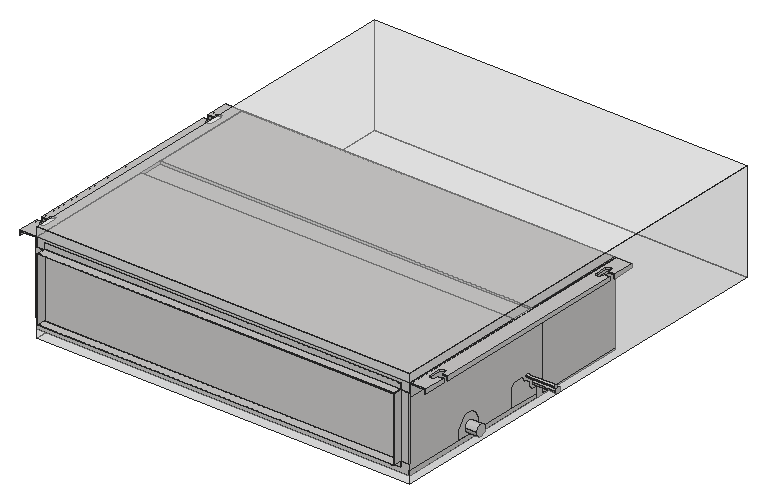
Revit family "outputfile", category 機械設備, Revit 2024
Family settings
  丸型コネクタ寸法 = 半径を使用
  パーツ タイプ = 標準
  OmniClass 番号 = 23.75.10.24.21.27.27
  OmniClass タイトル = Split System Air Conditioning Units
  作業面ベース = いいえ
  常に垂直 = はい
  ロード時にボイドで切り取り = いいえ
  注釈の向きを維持 = いいえ
  共有 = いいえ
  部屋計算ポイント = はい
Parameters (values of type "FDLF13EV2S")
  書き出し IFC クラス(タイプ) = "IfcUnitaryEquipmentType"
  定義済み IFC タイプ(タイプ) = "AIRCONDITIONINGUNIT"
  switch_frequency = yes
  ld_powersupply = Depth / 2  # 310 mm
  connector_voltage = Voltage_50Hz  # 220 V
  connector_powerinput = [Power Input (Cooling)]  # 1.120 kW
  connector_phase = Phase_50Hz  # 1
  angle_liquidpipe [instance] = if(Right Connection_refrigerant, 90.00°, 270.00°)  # 90.00°
  angle_gaspipe [instance] = if(Right Connection_refrigerant, 90.00°, 270.00°)  # 90.00°
  angle_drainpipe [instance] = if(Right Connection_refrigerant, 90.00°, 270.00°)  # 90.00°
  Right Connection_refrigerant [instance] = yes
  製造元 = "Daikin"
  モデル = "FDLF13EV2S"
  r_Liquid Pipe Size = Liquid Pipe Size / 2  # 3.2 mm
  r_Gas Pipe Size = Gas Pipe Size / 2  # 6.35 mm
  r_Drain Pipe Size = Drain Pipe Size / 2  # 12.5 mm
  lw_powersupply = 50 mm  # constant formula
  lw_ductflange2 = 803 mm
  lw_Width = 860 mm
  lh_suctionflange [instance] = 100 mm  # constant formula
  ld_suctionflange [instance] = if(Rear Connection_Return Air, 190.25 mm, 100.25 mm)  # 190.25 mm
  angle_vertical_RA [instance] = if(Rear Connection_Return Air, 90.00°, 0.00°)  # 90.00°
  angle horizontal_RA [instance] = if(Rear Connection_Return Air, 180.00°, 270.00°)  # 180.00°
  Voltage_comment_50Hz = "220"
  Voltage_50Hz = 220 V
  Supply Air Direction [instance] = yes
  Rear Connection_Return Air [instance] = not(Bottom Connection_Return Air)  # yes
  RA_length [instance] = if(Rear Connection_Return Air, 190.25 mm, 100 mm)  # 190.25 mm
  Phase_50Hz = 1
  Minimum External Static Pressure = 15.00 Pa
  Maximum External Static Pressure = 38.00 Pa
  Material_Casing = DAIKIN_GalvanizedSteel_Casing_indoorunit
  lw_liquidpipe = 521 mm
  lw_gaspipe = 508 mm
  lw_mountinghole = 940 mm
  lw_drainpipe = 480 mm
  lh_powersupply = 150 mm  # constant formula
  lh_liquidpipe = 138 mm  # constant formula
  lh_gaspipe = 160 mm  # constant formula
  lh_mountinghole = Height  # 200 mm
  lh_drainpipe = 170 mm  # constant formula
  lh_antena = 1 mm  # constant formula
  ld_liquidpipe = 353 mm  # constant formula
  ld_gaspipe = 375 mm  # constant formula
  ld_mountinghole = 500 mm  # constant formula
  ld_drainpipe = 178 mm  # constant formula
  ld_controlbox = 626 mm  # constant formula
  h*** = 0 mm  # constant formula
  d_dischargeflange = 21.2 mm  # constant formula
  Width = 900 mm
  Version = "ver.1.0"
  Unit Type = "Duct"
  Unit Mass Weight = 28.00 kg
  Unit Designation [instance] = ""
  Uniclass2015Version = "Products v1.30"
  Uniclass2015Title = "Split coil room air conditioning units"
  Uniclass2015Code = "Pr_70_65_03_86"
  Total Cooling Capacity [instance] = 0.000 kW
  Sound Pressure Level_M speed (dBA) = 33
  Sound Pressure Level_L speed (dBA) = 30
  Sound Pressure Level_H speed (dBA) = 37
  Series = "SkyAir_Fan Coil Unit"
  Sensible Cooling Capacity [instance] = 0.000 kW
  SA Duct Size Width = 860 mm
  SA Duct Size Height = 153 mm
  Refrigerant Type = "R32"
  RA Duct Size Width = 761 mm
  RA Duct Size Height = 160 mm
  Power Input (Cooling) = 1.120 kW
  Option Accessory 3 [instance] = ""
  Option Accessory 2 [instance] = ""
  Option Accessory 1 [instance] = ""
  Nominal Cooling Capacity = 3.800 kW
  Minimum Airflow = 720.00 m³/h
  Median Airflow = 840.00 m³/h
  Maximum Airflow = 960.00 m³/h
  Load Classification = HVAC
  Liquid Pipe Size = 6.4 mm
  Link_Nested Family [instance] = ""
  Left Connection_refrigerant [instance] = not(Right Connection_refrigerant)  # no
  IfcVersion = ""
  IfcExportType = "AIRCONDITIONINGUNIT"
  IfcExportAs = "IfcUnitaryEquipmentType"
  Height = 200 mm
  Heat Exchanger Type = "Cross Fin Coil"
  Gas Pipe Size = 12.7 mm
  Frequency_50Hz = 50 Hz
  Fan Type = "Sirocco Fan"
  Fan Drive = "Direct Drive"
  FCU Tag No. [instance] = ""
  Drain Pipe Size = 25.0 mm
  Design Supply Airflow [instance] = 0.00 m³/h
  Design Return Airflow [instance] = 0.00 m³/h
  Design External Static Pressure [instance] = 0.00 Pa
  Depth = 620 mm
  既定の高さ = 0 mm
  Cooling Entering Wet Bulb Temperature [instance] = 0.00 °C
  Cooling Entering Dry Bulb Temperature [instance] = 0.00 °C
  Cooling Ambient Wet Bulb Temperature [instance] = 0.00 °C
  Cooling Ambient Dry Bulb Temperature [instance] = 0.00 °C
  Clearance visibility [instance] = yes
  Clearance Top = 20 mm
  Clearance Right = 0 mm
  Clearance Rear = 400 mm
  Clearance Left = 0 mm
  Clearance Front = 0 mm
  Clearance Bottom = 20 mm
  Bottom Connection_Return Air [instance] = no
Reference planes
  plane 1 "Center (Front/Back)": y = 0
  plane 2: z = 0
  plane 3 "Center (Left/Right)": x = 0
  plane 4 "Back": y = 310
  plane 5 "Front": y = -310
  plane 6 "Left": x = -450
  plane 7 "Right": x = 450
  plane 8 "Top": z = 0
  plane 9 "Bottom": z = -200
  plane 10: x = -470
  plane 11: x = 470
  plane 12: y = 250
  plane 13: z = 0
  plane 14 "Clearance Left": x = -450
  plane 15 "Clearance Right": x = 450
  plane 16 "Clearance Rear": y = 710
  plane 17 "Clearance Front": y = -310
  plane 18 "Clearance Top": z = 20
  plane 19 "Clearance Bottom": z = -220
  plane 20: y = -250
  plane 21: z = -21
  plane 22: z = -97.5
  plane 23: x = -48.5
  plane 24: y = 119.75
  plane 25: z = -100
  plane 26: y = 65
  plane 27: z = -160
  plane 28: y = 43
  plane 29: z = -138
  plane 30: y = -132
  plane 31: z = -170
  plane 32: x = 508
  plane 33: x = 521
  plane 34: x = 480
  plane 35: x = 400
  plane 36: z = -150
  plane 37: x = -480
  plane 38: x = -521
  plane 39: x = -508
Forms (mm)
  Extrusion 1, solid, material "DAIKIN_GalvanizedSteel_Casing_indoorunit" <- "Material_Casing"
    sketch origin (0, 0, 0) x (1, 0, 0) y (0, 1, 0)
      loop
        line (-450, -310) -> (450, -310) -> (450, 310) -> (-450, 310) -> (-450, -310)
    from -200 to 0
  Extrusion 2, void
    sketch origin (0, 0, 1) x (1, 0, 0) y (0, 1, 0)
      loop
        line (-450, 61.5) -> (-450, 3.5) -> (450, 3.5) -> (450, 61.5) -> (-450, 61.5)
    from -1 to -7
  Extrusion 3, solid, material "DAIKIN_GalvanizedSteel_Casing_indoorunit" <- "Material_Casing", visible <- "Bottom Connection_Return Air"
    sketch origin (0, 0, 0) x (1, 0, 0) y (0, 0, 1)
      loop
        line (352, -199.25) -> (352, -0.75) -> (-449, -0.75) -> (-449, -199.25) -> (352, -199.25)
    from -310 to -309
  Extrusion 4, solid, material "DAIKIN_GalvanizedSteel_Casing_indoorunit" <- "Material_Casing", visible <- "Rear Connection_Return Air"
    sketch origin (0, 0, 0) x (1, 0, 0) y (0, 1, 0)
      loop
        line (-449, 309) -> (-449, 110.5) -> (352, 110.5) -> (352, 309) -> (-449, 309)
    from -200 to -199
  Extrusion 5, solid, material "DAIKIN_GalvanizedSteel_Casing_indoorunit" <- "Material_Casing", visible <- "Right Connection_refrigerant"
    sketch origin (450, 0, 0) x (0, 1, 0) y (0, 0, 1)
      loop
        circle (65, -160) r 6.35
    from 0 to 58
  Extrusion 6, solid, material "DAIKIN_GalvanizedSteel_Casing_indoorunit" <- "Material_Casing", visible <- "Right Connection_refrigerant"
    sketch origin (450, 0, 0) x (0, 1, 0) y (0, 0, 1)
      loop
        circle (43, -138) r 3.2
    from 0 to 71
  Extrusion 7, solid, material "DAIKIN_GalvanizedSteel_Casing_indoorunit" <- "Material_Casing", visible <- "Right Connection_refrigerant"
    sketch origin (450, 0, 0) x (0, 1, 0) y (0, 0, 1)
      loop
        line (-310, -200) -> (70, -200) -> (70, -190) -> (-310, -190) -> (-310, -200)
    from 0 to -1
  Extrusion 8, solid, material "DAIKIN_GalvanizedSteel_Casing_indoorunit" <- "Material_Casing", visible <- "Right Connection_refrigerant"
    sketch origin (450, 0, 0) x (0, 1, 0) y (0, 0, 1)
      loop
        arc (96, -27.5) -> (93.879, -28.379) -> (93, -30.5) r 3
        line (93, -30.5) -> (93, -194.5)
        arc (93, -194.5) -> (93.879, -196.621) -> (96, -197.5) r 3
        line (96, -197.5) -> (310, -197.5) -> (310, -27.5) -> (96, -27.5)
    from 0 to -1
  Extrusion 9, solid, material "DAIKIN_GalvanizedSteel_Casing_indoorunit" <- "Material_Casing", visible <- "Right Connection_refrigerant"
    sketch origin (450, 0, 0) x (0, 1, 0) y (0, 0, 1)
      loop
        arc (-104, -170) -> (-132, -142) -> (-160, -170) r 28
        line (-160, -170) -> (-160, -190) -> (-104, -190) -> (-104, -170)
    from 0 to -1
  Extrusion 10, solid, material "DAIKIN_GalvanizedSteel_Casing_indoorunit" <- "Material_Casing", visible <- "Right Connection_refrigerant"
    sketch origin (450, 0, 0) x (0, 1, 0) y (0, 0, 1)
      loop
        line (70, -190) -> (70, -174.671)
        arc (70, -174.671) -> (54.678, -171.563) -> (49.857, -156.691) r 15.5
        line (49.857, -156.691) -> (43.472, -150.991)
        arc (43.472, -150.991) -> (34.343, -147.698) -> (30.039, -139) r 13
        line (30.039, -139) -> (2, -139)
        arc (2, -139) -> (-0.121, -139.879) -> (-1, -142) r 3
        line (-1, -142) -> (-1, -190) -> (70, -190)
    from 0 to -1
  Extrusion 11, solid, material "DAIKIN_GalvanizedSteel_Casing_indoorunit" <- "Material_Casing", visible <- "Left Connection_refrigerant"
    sketch origin (-450, 0, 0) x (0, 1, 0) y (0, 0, 1)
      loop
        line (-310, -200) -> (70, -200) -> (70, -190) -> (-310, -190) -> (-310, -200)
    from 0 to -1
  Extrusion 12, solid, material "DAIKIN_GalvanizedSteel_Casing_indoorunit" <- "Material_Casing", visible <- "Left Connection_refrigerant"
    sketch origin (-450, 0, 0) x (0, 1, 0) y (0, 0, 1)
      loop
        arc (96, -27.5) -> (93.879, -28.379) -> (93, -30.5) r 3
        line (93, -30.5) -> (93, -194.5)
        arc (93, -194.5) -> (93.879, -196.621) -> (96, -197.5) r 3
        line (96, -197.5) -> (310, -197.5) -> (310, -27.5) -> (96, -27.5)
    from 0 to -1
  Extrusion 13, solid, material "DAIKIN_GalvanizedSteel_Casing_indoorunit" <- "Material_Casing", visible <- "Left Connection_refrigerant"
    sketch origin (-450, 0, 0) x (0, 1, 0) y (0, 0, 1)
      loop
        arc (-104, -170) -> (-132, -142) -> (-160, -170) r 28
        line (-160, -170) -> (-160, -190) -> (-104, -190) -> (-104, -170)
    from 0 to -1
  Extrusion 14, solid, material "DAIKIN_GalvanizedSteel_Casing_indoorunit" <- "Material_Casing", visible <- "Left Connection_refrigerant"
    sketch origin (-450, 0, 0) x (0, 1, 0) y (0, 0, 1)
      loop
        line (70, -190) -> (70, -174.671)
        arc (70, -174.671) -> (54.678, -171.563) -> (49.857, -156.691) r 15.5
        line (49.857, -156.691) -> (43.472, -150.991)
        arc (43.472, -150.991) -> (34.343, -147.698) -> (30.039, -139) r 13
        line (30.039, -139) -> (2, -139)
        arc (2, -139) -> (-0.121, -139.879) -> (-1, -142) r 3
        line (-1, -142) -> (-1, -190) -> (70, -190)
    from 0 to -1
  Extrusion 15, solid, material "DAIKIN_GalvanizedSteel_Casing_indoorunit" <- "Material_Casing", visible <- "Left Connection_refrigerant"
    sketch origin (-450, 0, 0) x (0, 1, 0) y (0, 0, 1)
      loop
        circle (43, -138) r 3.2
    from -71 to 0
  Extrusion 16, solid, material "DAIKIN_GalvanizedSteel_Casing_indoorunit" <- "Material_Casing", visible <- "Left Connection_refrigerant"
    sketch origin (-450, 0, 0) x (0, 1, 0) y (0, 0, 1)
      loop
        circle (65, -160) r 6.35
    from -58 to 0
  Extrusion 17, solid, material "DAIKIN_GalvanizedSteel_Casing_indoorunit" <- "Material_Casing", visible <- "Left Connection_refrigerant"
    sketch origin (-450, 0, 0) x (0, 1, 0) y (0, 0, 1)
      loop
        circle (-132, -170) r 12.5
    from -30 to 0
  Extrusion 18, solid, material "DAIKIN_GalvanizedSteel_Casing_indoorunit" <- "Material_Casing", visible <- "Right Connection_refrigerant"
    sketch origin (450, 0, 0) x (0, 1, 0) y (0, 0, 1)
      loop
        circle (-132, -170) r 12.5
    from 0 to 30
Cuts and joins
  Extrusion 2 cuts Extrusion 1
Dimensions and locks
  "Height": plane 8 "Top" to plane 9 "Bottom"
  equal spacing: plane 10, plane 3 "Center (Left/Right)", plane 11
  "lw_mountinghole": plane 10 to plane 11
  equal spacing: plane 6 "Left", plane 3 "Center (Left/Right)", plane 7 "Right"
  "Width": plane 6 "Left" to plane 7 "Right"
  "Clearance Right": plane 7 "Right" to plane 15 "Clearance Right"
  "Clearance Left": plane 14 "Clearance Left" to plane 6 "Left"
  "Clearance Rear": plane 16 "Clearance Rear" to plane 4 "Back"
  "Clearance Front": plane 5 "Front" to plane 17 "Clearance Front"
  "Clearance Top": plane 18 "Clearance Top" to plane 8 "Top"
  "Clearance Bottom": plane 9 "Bottom" to plane 19 "Clearance Bottom"
  "Depth": plane 4 "Back" to plane 5 "Front"
  equal spacing: plane 4 "Back", plane 1 "Center (Front/Back)", plane 5 "Front"
  Extrusion 3 sketch curve to Extrusion 3 sketch curve = 198.5 mm
  locked: plane 20 to plane 5 "Front" at 60
  "ld_mountinghole": plane 12 to plane 20
  locked: plane 8 "Top" to plane 21 at 21
  locked: plane 23 to plane 3 "Center (Left/Right)" at 48.5
  "ld_suctionflange": plane 4 "Back" to plane 24
  "lh_suctionflange": plane 8 "Top" to plane 25
  "ld_gaspipe": plane 26 to plane 5 "Front"
  "lh_gaspipe": plane 8 "Top" to plane 27
  "ld_liquidpipe": plane 28 to plane 5 "Front"
  "lh_liquidpipe": plane 8 "Top" to plane 29
  "ld_drainpipe": plane 30 to plane 5 "Front"
  "lh_drainpipe": plane 8 "Top" to plane 31
  "lw_powersupply": plane 35 to plane 7 "Right"
  "lh_powersupply": plane 8 "Top" to plane 36
  "lw_gaspipe": plane 3 "Center (Left/Right)" to plane 32
  "lw_liquidpipe": plane 3 "Center (Left/Right)" to plane 33
  "lw_drainpipe": plane 3 "Center (Left/Right)" to plane 34
  "lw_liquidpipe": plane 38 to plane 3 "Center (Left/Right)"
  "lw_gaspipe": plane 39 to plane 3 "Center (Left/Right)"
  "lw_drainpipe": plane 37 to plane 3 "Center (Left/Right)"
  "r_Gas Pipe Size": radius of Extrusion 5 sketch curve
  "r_Liquid Pipe Size": radius of Extrusion 6 sketch curve
  "r_Liquid Pipe Size": radius of Extrusion 15 sketch curve
  "r_Gas Pipe Size": radius of Extrusion 16 sketch curve
  "r_Drain Pipe Size": radius of Extrusion 17 sketch curve
  "r_Drain Pipe Size": radius of Extrusion 18 sketch curve
  aligned and locked: level to plane 2
  aligned and locked: Extrusion 1 to plane 9 "Bottom"
  aligned and locked: plane 8 "Top" to Extrusion 1
  aligned and locked: plane 11 to nested 2
  aligned and locked: plane 10 to nested 3
  aligned and locked: plane 10 to nested 4
  aligned and locked: plane 8 "Top" to Extrusion 2
  aligned and locked: plane 9 "Bottom" to Extrusion 4  (x2)
  aligned and locked: plane 7 "Right" to cut or joined group of Extrusion 1, Extrusion 2  (x2)
  aligned and locked: plane 3 "Center (Left/Right)" to nested 9
  aligned and locked: plane 6 "Left" to nested 7
  aligned and locked: plane 8 "Top" to nested 9
  aligned and locked: plane 11 to nested 1
  aligned and locked: nested 6 to plane 1 "Center (Front/Back)"
  aligned and locked: plane 3 "Center (Left/Right)" to nested 6
  aligned and locked: level to plane 8 "Top"
  aligned and locked: plane 1 "Center (Front/Back)" to nested 9
  aligned and locked: plane 5 "Front" to nested 10
  aligned and locked: Extrusion 1 sketch curve to plane 5 "Front"
  aligned and locked: plane 21 to nested 10
  aligned and locked: nested 5 to plane 5 "Front"
  aligned and locked: plane 3 "Center (Left/Right)" to nested 5
  aligned and locked: plane 22 to nested 5
  aligned and locked: Extrusion 2 sketch curve to plane 6 "Left"
  aligned and locked: plane 7 "Right" to Extrusion 2 sketch curve
  aligned and locked: nested 11 to plane 23
  aligned and locked: nested 11 to plane 24
  aligned and locked: plane 27 to Extrusion 5 sketch curve
  aligned and locked: plane 26 to Extrusion 5 sketch curve
  aligned and locked: plane 28 to Extrusion 6 sketch curve
  aligned and locked: plane 29 to Extrusion 6 sketch curve
  aligned and locked: plane 32 to Extrusion 5
  aligned and locked: plane 33 to Extrusion 6
  aligned and locked: Extrusion 7 sketch curve to plane 9 "Bottom"
  aligned and locked: Extrusion 7 sketch curve to plane 5 "Front"
  aligned and locked: plane 14 "Clearance Left" to nested 12
  aligned and locked: plane 15 "Clearance Right" to nested 12
  aligned and locked: plane 16 "Clearance Rear" to nested 12
  aligned and locked: nested 12 to plane 17 "Clearance Front"
  aligned and locked: nested 12 to plane 18 "Clearance Top"
  aligned and locked: nested 12 to plane 19 "Clearance Bottom"
  aligned and locked: nested 13 to plane 35
  aligned and locked: nested 13 to plane 36
  aligned and locked: plane 4 "Back" to nested 13
  aligned and locked: nested 14 to plane 26
  aligned and locked: plane 3 "Center (Left/Right)" to nested 14
  aligned and locked: nested 14 to plane 27
  aligned and locked: nested 15 to plane 28
  aligned and locked: plane 3 "Center (Left/Right)" to nested 15
  aligned and locked: nested 15 to plane 29
  aligned and locked: nested 16 to plane 30
  aligned and locked: plane 3 "Center (Left/Right)" to nested 16
  aligned and locked: nested 16 to plane 31
  aligned and locked: plane 29 to Extrusion 15 sketch curve
  aligned and locked: plane 28 to Extrusion 15 sketch curve
  aligned and locked: Extrusion 15 to plane 38
  aligned and locked: plane 6 "Left" to Extrusion 15
  aligned and locked: plane 26 to Extrusion 16 sketch curve
  aligned and locked: plane 27 to Extrusion 16 sketch curve
  aligned and locked: Extrusion 16 to plane 39
  aligned and locked: plane 6 "Left" to Extrusion 16
  aligned and locked: plane 30 to Extrusion 17 sketch curve
  aligned and locked: Extrusion 17 to plane 37
  aligned and locked: plane 6 "Left" to Extrusion 17
  aligned and locked: Extrusion 5 to plane 7 "Right"
  aligned and locked: Extrusion 6 to plane 7 "Right"
  aligned and locked: plane 30 to Extrusion 18 sketch curve
  aligned and locked: plane 31 to Extrusion 18 sketch curve
  aligned and locked: plane 34 to Extrusion 18
  aligned and locked: Extrusion 18 to plane 7 "Right"
Automatic sketch dimensions
  Extrusion 1 sketch curve to plane 4 "Back" = 0 mm
  Extrusion 1 sketch curve to plane 6 "Left" = 0 mm
  Extrusion 1 sketch curve to plane 7 "Right" = 0 mm
  Extrusion 2 sketch curve to plane 1 "Center (Front/Back)" = 3.5 mm
  Extrusion 2 sketch curve to plane 26 = 3.5 mm
  plane 9 "Bottom" to Extrusion 3 sketch curve = 0.75 mm
  plane 6 "Left" to Extrusion 3 sketch curve = 1 mm
  Extrusion 3 sketch curve to plane 35 = 48 mm
  Extrusion 4 sketch curve to plane 4 "Back" = 1 mm
  plane 6 "Left" to Extrusion 4 sketch curve = 1 mm
  Extrusion 4 sketch curve to plane 35 = 48 mm
  Extrusion 4 sketch curve to plane 24 = 9.25 mm
  plane 26 to Extrusion 7 sketch curve = 5 mm
  Extrusion 7 sketch curve to Extrusion 7 sketch curve = 10 mm
  Extrusion 8 sketch curve to plane 21 = 9.5 mm
  Extrusion 8 sketch curve to plane 24 = 23.75 mm  (x2)
  plane 9 "Bottom" to Extrusion 8 sketch curve = 5.5 mm
  Extrusion 8 sketch curve to Extrusion 8 sketch curve = 3 mm
  Extrusion 9 sketch curve to plane 31 = 0 mm
  Extrusion 9 sketch curve to plane 30 = 0 mm
  plane 9 "Bottom" to Extrusion 9 sketch curve = 10 mm
  Extrusion 9 sketch curve to plane 30 = 28 mm
  Extrusion 10 sketch curve to plane 28 = 0 mm
  Extrusion 10 sketch curve to plane 26 = 0 mm
  Extrusion 10 sketch curve to plane 27 = 0 mm
  Extrusion 10 sketch curve to plane 29 = 0 mm
  Extrusion 10 sketch curve to plane 29 = 1 mm
  Extrusion 10 sketch curve to plane 28 = 12.961 mm
  Extrusion 10 sketch curve to plane 1 "Center (Front/Back)" = 2 mm
  plane 1 "Center (Front/Back)" to Extrusion 10 sketch curve = 1 mm
  plane 28 to Extrusion 10 sketch curve = 0.472 mm
  plane 27 to Extrusion 10 sketch curve = 3.309 mm
  plane 28 to Extrusion 10 sketch curve = 6.857 mm
  plane 26 to Extrusion 10 sketch curve = 5 mm
  plane 9 "Bottom" to Extrusion 10 sketch curve = 10 mm
  Extrusion 8 sketch curve to plane 4 "Back" = 0 mm
  Extrusion 17 sketch curve to plane 31 = 0 mm
  Extrusion 12 sketch curve to plane 4 "Back" = 0 mm
  plane 9 "Bottom" to Extrusion 12 sketch curve = 5.5 mm
  Extrusion 12 sketch curve to plane 24 = 23.75 mm  (x2)
  Extrusion 12 sketch curve to plane 21 = 6.5 mm
  Extrusion 12 sketch curve to Extrusion 12 sketch curve = 3 mm
  Extrusion 14 sketch curve to plane 28 = 0 mm
  Extrusion 14 sketch curve to plane 26 = 0 mm
  Extrusion 14 sketch curve to plane 27 = 0 mm
  Extrusion 14 sketch curve to plane 29 = 0 mm
  Extrusion 14 sketch curve to plane 29 = 1 mm
  Extrusion 14 sketch curve to plane 28 = 12.961 mm
  Extrusion 14 sketch curve to plane 1 "Center (Front/Back)" = 2 mm
  plane 1 "Center (Front/Back)" to Extrusion 14 sketch curve = 1 mm
  plane 28 to Extrusion 14 sketch curve = 0.472 mm
  plane 27 to Extrusion 14 sketch curve = 3.309 mm
  plane 28 to Extrusion 14 sketch curve = 6.857 mm
  plane 26 to Extrusion 14 sketch curve = 5 mm
  plane 9 "Bottom" to Extrusion 14 sketch curve = 10 mm
  Extrusion 11 sketch curve to plane 5 "Front" = 0 mm
  Extrusion 11 sketch curve to plane 9 "Bottom" = 0 mm
  plane 26 to Extrusion 11 sketch curve = 5 mm
  Extrusion 11 sketch curve to Extrusion 11 sketch curve = 10 mm
  Extrusion 13 sketch curve to plane 31 = 0 mm
  Extrusion 13 sketch curve to plane 30 = 0 mm
  plane 9 "Bottom" to Extrusion 13 sketch curve = 10 mm
  Extrusion 13 sketch curve to plane 30 = 28 mm
Nested families
  nested 1: "daikin_mountinghole" at (470, 250, -200), l_antenna <- "lh_antena", Link_Nested Family <- "Link_Nested Family", h_mountinghole <- "lh_mountinghole", type "daikin_mountinghole"
    with show yes, l_antenna 1 mm, h_mountinghole 200 mm, Link_Nested Family ""
  nested 2: "daikin_mountinghole" at (470, -250, -200), Link_Nested Family <- "Link_Nested Family", l_antenna <- "lh_antena", h_mountinghole <- "lh_mountinghole", type "daikin_mountinghole"
    with show yes, l_antenna 1 mm, h_mountinghole 200 mm, Link_Nested Family ""
  nested 3: "daikin_mountinghole" at (-470, -250, -200), l_antenna <- "lh_antena", Link_Nested Family <- "Link_Nested Family", h_mountinghole <- "lh_mountinghole", type "daikin_mountinghole"
    with show yes, l_antenna 1 mm, h_mountinghole 200 mm, Link_Nested Family ""
  nested 4: "daikin_mountinghole" at (-470, 250, -200), l_antenna <- "lh_antena", Link_Nested Family <- "Link_Nested Family", h_mountinghole <- "lh_mountinghole", type "daikin_mountinghole"
    with show yes, l_antenna 1 mm, h_mountinghole 200 mm, Link_Nested Family ""
  nested 5: "daikin_connector_rotate2" at (0, -310, -97.5), length <- "d_dischargeflange", type "daikin_connector_rotate2"
    with radius 10 mm, length 21.2 mm, angle_vertical 90.00°, show_face no
  nested 6: "daikin_△_symbolicline" at (-75, -129.904, 200) x (-0.5, 0.866, 0) z (0, 0, 1), built-in parameter 1001364 <- "Height", visible <- "Supply Air Direction", type "daikin_△_symbolicline"
    with length 300 mm
  nested 7: "daikin_ductflange_FDLF-EV2S_1" at (-48.5, 310, -100), visible <- "Rear Connection_Return Air", material <- "Material_Casing", width <- "lw_ductflange2", type "daikin_ductflange_FDLF-EV2S_1"
    with width 803 mm, material DAIKIN_GalvanizedSteel_Casing_indoorunit, height 180 mm, depth 21.2 mm
  nested 8: "daikin_ductflange_FDLF-EV2S_1" at (-48.5, 209.75, -200) x (1, 0, 0) z (0, 1, 0), visible <- "Bottom Connection_Return Air", material <- "Material_Casing", width <- "lw_ductflange2", type "daikin_ductflange_FDLF-EV2S_1"
    with width 803 mm, material DAIKIN_GalvanizedSteel_Casing_indoorunit, height 180 mm, depth 21.2 mm
  nested 9: "daikin_hangerfixture_FDLF-EV2S" at (0, 0, 0), type "daikin_hangerfixture_FDLF-EV2S"
  nested 10: "daikin_ductflange_FDLF-EV2S" at (0, 3.5, -364.201), width <- "lw_Width", material <- "Material_Casing", type "daikin_ductflange_FDLF-EV2S"
    with width 860 mm, material DAIKIN_GalvanizedSteel_Casing_indoorunit, height 155 mm, depth 21.2 mm
  nested 11: "daikin_connector_rotate3" at (-48.5, 119.75, -100), length <- "RA_length", angle_vertical <- "angle_vertical_RA", angle_horizontal <- "angle horizontal_RA", type "daikin_connector_rotate3"
    with show no, radius 10 mm, length 190.25 mm, angle_vertical 90.00°, angle_horizontal 180.00°
  nested 12: "daikin_clearancespace" at (0, 200, -99.881), visible <- "Clearance visibility", Link_Nested Family <- "Link_Nested Family", show <- "Clearance visibility", type "daikin_clearancespace"
    with width 900 mm, show yes, height 240 mm, depth 1020 mm, Link_Nested Family ""
  nested 13: "daikin_connector_rotate2" at (400, 0, -150) x (-1, 0, 0) z (0, 0, 1), length <- "ld_powersupply", type "daikin_connector_rotate2"
    with radius 10 mm, length 310 mm, angle_vertical 90.00°, show_face no
  nested 14: "daikin_connector_rotate3" at (0, 65, -160), angle_vertical <- "angle_gaspipe", radius <- "r_Gas Pipe Size", length <- "lw_gaspipe", type "daikin_connector_rotate3"
    with show no, radius 6.35 mm, length 508 mm, angle_vertical 90.00°, angle_horizontal 90.00°
  nested 15: "daikin_connector_rotate3" at (0, 43, -138), angle_vertical <- "angle_liquidpipe", length <- "lw_liquidpipe", radius <- "r_Liquid Pipe Size", type "daikin_connector_rotate3"
    with show no, radius 3.2 mm, length 521 mm, angle_vertical 90.00°, angle_horizontal 90.00°
  nested 16: "daikin_connector_rotate3" at (0, -132, -170), angle_vertical <- "angle_drainpipe", length <- "lw_drainpipe", radius <- "r_Drain Pipe Size", type "daikin_connector_rotate3"
    with show no, radius 12.5 mm, length 480 mm, angle_vertical 90.00°, angle_horizontal 90.00°
Connectors
  hvac at (0, -331.2, -97.5), driven by "SA Duct Size Height", driven by "SA Duct Size Width"
    settings: on nested 5, index 1, duct flow 0.00 m³/h, flow factor 0, pres drop 0.00 Pa, loss coef 0, conn angle 0.00°, conn width 860.0 mm, conn height 153.0 mm, conn diameter 609.6 mm, duct sys type 1, conn prof type 1, flow config 0, flow direction 2, loss method 4, conn ref index -1, conn util no, is conn primary yes, conn desc "SA Duct"
  hvac at (-48.5, 310, -100), driven by "RA Duct Size Height", driven by "RA Duct Size Width"
    settings: on nested 11, index 2, duct flow 0.00 m³/h, flow factor 0, pres drop 0.00 Pa, loss coef 0, conn angle 0.00°, conn width 761.0 mm, conn height 160.0 mm, conn diameter 609.6 mm, duct sys type 2, conn prof type 1, flow config 0, flow direction 1, loss method 4, conn ref index -1, conn util no, is conn primary no, conn desc "RA Duct"
  electrical at (400, 310, -150), driven by "Load Classification", driven by "connector_powerinput", driven by "connector_phase", driven by "connector_voltage"
    settings: on nested 13, index 6, voltage 220 V, apparent load 1120 VA, apparent load phase1 0 VA, apparent load phase2 0 VA, apparent load phase3 0 VA, power factor 1, load classification "HVAC", number of poles 1, system type 30, power factor state 1, is connector primary yes, connector utility no, sub classification motor no, connector description "Power Supply"
  piping at (508, 65, -160), diameter 12.7, driven by "r_Gas Pipe Size"
    settings: on nested 14, index 7, connector inside diameter 609.6 mm, connector length 0 mm, flow factor 0, pipe flow 0.00 m³/h, pressure drop 0.0 Pa, fitting loss kfactor 0, connector angle 0.00°, fixture units 0, engagement length 0 mm, angle of deflection 0.00°, flow configuration 1, flow direction 2, fitting loss method 0, system type 29, joint type 0, gender type 0, connector reference index -1, connector utility 0, adjustable connector no, is connector primary yes, connector description "Refrigerant Gas Piping"
  piping at (521, 43, -138), diameter 6.4, driven by "r_Liquid Pipe Size"
    settings: on nested 15, index 8, connector inside diameter 609.6 mm, connector length 0 mm, flow factor 0, pipe flow 0.00 m³/h, pressure drop 0.0 Pa, fitting loss kfactor 0, connector angle 0.00°, fixture units 0, engagement length 0 mm, angle of deflection 0.00°, flow configuration 1, flow direction 1, fitting loss method 0, system type 29, joint type 0, gender type 0, connector reference index -1, connector utility 0, adjustable connector no, is connector primary no, connector description "Refrigerant Liquid Piping"
  piping at (480, -132, -170), diameter 25, driven by "r_Drain Pipe Size"
    settings: on nested 16, index 9, connector inside diameter 609.6 mm, connector length 0 mm, flow factor 0, pipe flow 0.00 m³/h, pressure drop 0.0 Pa, fitting loss kfactor 0, connector angle 0.00°, fixture units 0, engagement length 0 mm, angle of deflection 0.00°, flow configuration 1, flow direction 2, fitting loss method 4, system type 16, joint type 0, gender type 0, connector reference index -1, connector utility 0, adjustable connector no, is connector primary no, connector description "Condensate Drain Piping"
Definition of nested family "daikin_ductflange_FDLF-EV2S_1"
  Parameters (values of type "daikin_ductflange_FDLF-DV2S_1")
    width [instance] = 620 mm
    material [instance] = none
    height [instance] = 180 mm
    depth [instance] = 21.2 mm
    Default Elevation = 0 mm
  Reference planes
    plane 1 "Center (Front/Back)": y = 0
    plane 2: z = 0
    plane 3 "Center (Left/Right)": x = 0
    plane 4: x = -310
    plane 5: x = 310
    plane 6: z = 90
    plane 7: z = -90
    plane 8: z = 100.25
    plane 9: z = -100.25
    plane 10: x = -309
    plane 11: x = 309
  Forms (mm)
    Extrusion 1, solid, material <- "material"
      sketch origin (0, 0, 0) x (1, 0, 0) y (0, 0, 1)
        loop
          line (-289, 80) -> (-289, -80) -> (289, -80) -> (289, 80) -> (-289, 80)
        loop
          line (-309, -99.25) -> (309, -99.25) -> (309, 99.25) -> (-309, 99.25) -> (-309, -99.25)
      from 0 to 1
  Dimensions and locks
    equal spacing: plane 5, plane 3 "Center (Left/Right)", plane 4, locked at 310 each
    "width": plane 5 to plane 4
    plane 10 to plane 4 = 1 mm
    locked: plane 5 to plane 11 at 1
    locked: Extrusion 1 sketch curve to Extrusion 1 sketch curve at 20  (x2)
    plane 8 to Extrusion 1 sketch curve = 1 mm
    locked: Extrusion 1 sketch curve to plane 9 at 1
    aligned and locked: level to plane 2
  Automatic sketch dimensions
    plane 4 to Extrusion 1 sketch curve = 1 mm
    Extrusion 1 sketch curve to plane 5 = 1 mm
    Extrusion 1 sketch curve to plane 6 = 10 mm
    plane 7 to Extrusion 1 sketch curve = 10 mm
Definition of nested family "daikin_hangerfixture_FDLF-EV2S"
  Parameters (values of type "daikin_hangerfixture_FDLF-DV1")
    width = 900 mm
    material = none
    height = 30 mm
    depth = 620 mm
    Default Elevation = 0 mm
  Reference planes
    plane 1 "Center (Front/Back)": y = 0
    plane 2: z = 0
    plane 3 "Center (Left/Right)": x = 0
    plane 4: x = 450
    plane 5: y = 310
    plane 6: y = -310
    plane 7: x = -450
    plane 8: z = -30
  Forms (mm)
    Extrusion 1, solid, material <- "material"
      sketch origin (0, 0, 0) x (1, 0, 0) y (0, 0, 1)
        loop
          line (450, 0) -> (450, -30) -> (452.3, -30) -> (452.3, -2.3) -> (487.7, -2.3) -> (487.7, -10) -> (490, -10) -> (490, 0) -> (450, 0)
      from -310 to 310
    Extrusion 2, void
      sketch origin (0, 0, 0) x (0, 1, 0) y (0, 0, 1)
        loop
          line (310, -30) -> (310, -17.979) -> (87.935, -17.979) -> (75.914, -30) -> (310, -30)
      from -786.78 to 600.701
    Extrusion 3, void
      sketch origin (0, 0, 0) x (1, 0, 0) y (0, 1, 0)
        loop
          line (490, -244.5) -> (477, -244.5) -> (477, -238)
          arc (477, -238) -> (470, -231) -> (463, -238) r 7
          line (463, -238) -> (463, -264)
          arc (463, -264) -> (470, -271) -> (477, -264) r 7
          line (477, -264) -> (477, -257.5) -> (490, -257.5) -> (490, -244.5)
        loop
          line (490, 244.5) -> (490, 257.5) -> (477, 257.5) -> (477, 264)
          arc (477, 264) -> (470, 271) -> (463, 264) r 7
          line (463, 264) -> (463, 238)
          arc (463, 238) -> (470, 231) -> (477, 238) r 7
          line (477, 238) -> (477, 244.5) -> (490, 244.5)
      from -254.96 to 618
    Extrusion 4, solid, material <- "material"
      sketch origin (0, 0, 0) x (-1, 0, 0) y (0, 0, -1)
        loop
          line (450, 0) -> (490, 0) -> (490, 10) -> (487.7, 10) -> (487.7, 2.3) -> (452.3, 2.3) -> (452.3, 30) -> (450, 30) -> (450, 0)
      from -310 to 310
    Extrusion 5, void
      sketch origin (0, 0, 0) x (-1, 0, 0) y (0, -1, 0)
        loop
          line (490, 244.5) -> (490, 257.5) -> (477, 257.5) -> (477, 264)
          arc (477, 264) -> (470, 271) -> (463, 264) r 7
          line (463, 264) -> (463, 238)
          arc (463, 238) -> (470, 231) -> (477, 238) r 7
          line (477, 238) -> (477, 244.5) -> (490, 244.5)
        loop
          line (490, -244.5) -> (477, -244.5) -> (477, -238)
          arc (477, -238) -> (470, -231) -> (463, -238) r 7
          line (463, -238) -> (463, -264)
          arc (463, -264) -> (470, -271) -> (477, -264) r 7
          line (477, -264) -> (477, -257.5) -> (490, -257.5) -> (490, -244.5)
      from -254.96 to 618
  Cuts and joins
    Extrusion 2, Extrusion 3, Extrusion 5 cuts Extrusion 1
    Extrusion 2, Extrusion 5 cuts Extrusion 4
  Dimensions and locks
    equal spacing: plane 5, plane 1 "Center (Front/Back)", plane 6
    "depth": plane 5 to plane 6
    plane 6 to plane 1 "Center (Front/Back)" to plane 5 = 310 mm, 310 mm
    equal spacing: plane 4, plane 3 "Center (Left/Right)", plane 7
    "width": plane 4 to plane 7
    "height": level to plane 8
    aligned and locked: level to plane 2
    aligned and locked: plane 5 to Extrusion 1
    aligned and locked: Extrusion 1 to plane 6
    aligned and locked: Extrusion 1 to plane 4
    aligned and locked: plane 5 to cut or joined group of Extrusion 1, Extrusion 2, Extrusion 3, Extrusion 5
    aligned and locked: cut or joined group of Extrusion 1, Extrusion 2, Extrusion 3, Extrusion 5 to plane 6
    aligned and locked: level to cut or joined group of Extrusion 1, Extrusion 2, Extrusion 3, Extrusion 5
    aligned and locked: cut or joined group of Extrusion 1, Extrusion 2, Extrusion 3, Extrusion 5 to plane 8
    aligned and locked: plane 5 to cut or joined group of Extrusion 2, Extrusion 4, Extrusion 5
    aligned and locked: cut or joined group of Extrusion 2, Extrusion 4, Extrusion 5 to plane 6
  Automatic sketch dimensions
    Extrusion 1 sketch curve to plane 4 = 0 mm
    Extrusion 1 sketch curve to plane 8 = 0 mm
    Extrusion 1 sketch curve to level = 0 mm
    plane 4 to Extrusion 1 sketch curve = 2.3 mm
    Extrusion 1 sketch curve to level = 2.3 mm
    Extrusion 1 sketch curve to Extrusion 1 sketch curve = 35.4 mm
    Extrusion 1 sketch curve to Extrusion 1 sketch curve = 2.3 mm
    Extrusion 1 sketch curve to Extrusion 1 sketch curve = 7.7 mm
    Extrusion 2 sketch curve to plane 8 = 0 mm
    Extrusion 2 sketch curve to plane 5 = 0 mm
    plane 8 to Extrusion 2 sketch curve = 12.021 mm
    Extrusion 2 sketch curve to plane 1 "Center (Front/Back)" = 87.935 mm
    Extrusion 2 sketch curve to Extrusion 2 sketch curve = 12.021 mm
    plane 4 to Extrusion 3 sketch curve = 13 mm  (x2)
    Extrusion 3 sketch curve to Extrusion 3 sketch curve = 7 mm  (x4)
    Extrusion 3 sketch curve to Extrusion 3 sketch curve = 13 mm  (x4)
    plane 6 to Extrusion 3 sketch curve = 46 mm
    Extrusion 3 sketch curve to Extrusion 3 sketch curve = 6.5 mm  (x4)
    Extrusion 3 sketch curve to plane 5 = 72 mm
    Extrusion 4 sketch curve to plane 7 = 0 mm
    Extrusion 4 sketch curve to plane 8 = 0 mm
    Extrusion 4 sketch curve to level = 0 mm
    Extrusion 4 sketch curve to plane 7 = 2.3 mm
    Extrusion 4 sketch curve to level = 2.3 mm
    Extrusion 4 sketch curve to Extrusion 4 sketch curve = 35.4 mm
    Extrusion 4 sketch curve to Extrusion 4 sketch curve = 2.3 mm
    Extrusion 4 sketch curve to Extrusion 4 sketch curve = 7.7 mm
    Extrusion 5 sketch curve to plane 7 = 13 mm  (x2)
    Extrusion 5 sketch curve to Extrusion 5 sketch curve = 7 mm  (x4)
    Extrusion 5 sketch curve to Extrusion 5 sketch curve = 13 mm  (x4)
    Extrusion 5 sketch curve to plane 5 = 46 mm
    Extrusion 5 sketch curve to Extrusion 5 sketch curve = 6.5 mm  (x4)
    plane 6 to Extrusion 5 sketch curve = 72 mm
Definition of nested family "daikin_ductflange_FDLF-EV2S"
  Parameters (values of type "daikin_ductflange_FXDQ-NDVET")
    width [instance] = 660 mm
    material [instance] = none
    height [instance] = 155 mm
    depth [instance] = 21.2 mm
    Default Elevation = 0 mm
  Reference planes
    plane 1 "Center (Front/Back)": y = 0
    plane 2: z = 189.201
    plane 3 "Center (Left/Right)": x = 0
    plane 4: y = -313.5
    plane 5: x = -330
    plane 6: x = 330
    plane 7: y = -334.7
    plane 8: z = 344.201
    plane 9: z = 266.701
    plane 10: z = 343.201
    plane 11: z = 190.201
  Forms (mm)
    Extrusion 1, solid, material <- "material"
      sketch origin (0, 0, 189.201) x (1, 0, 0) y (0, 1, 0)
        loop
          line (-330, -334.7) -> (-330, -313.5) -> (-350, -313.5) -> (-350, -314.5) -> (-331, -314.5) -> (-331, -334.7) -> (-330, -334.7)
        loop
          line (330, -334.7) -> (331, -334.7) -> (331, -314.5) -> (350, -314.5) -> (350, -313.5) -> (330, -313.5) -> (330, -334.7)
      from 1 to 154
    Extrusion 2, solid, material <- "material"
      sketch origin (0, 0, 0) x (0, 1, 0) y (0, 0, 1)
        loop
          line (-313.5, 343.201) -> (-313.5, 358.201) -> (-314.5, 358.201) -> (-314.5, 344.201) -> (-334.7, 344.201) -> (-334.7, 343.201) -> (-313.5, 343.201)
        loop
          line (-313.5, 190.201) -> (-334.7, 190.201) -> (-334.7, 189.201) -> (-314.5, 189.201) -> (-314.5, 175.201) -> (-313.5, 175.201) -> (-313.5, 190.201)
      from -330 to 330
  Dimensions and locks
    plane 4 to plane 1 "Center (Front/Back)" = 313.5 mm
    "depth": plane 7 to plane 4
    equal spacing: plane 8, plane 9, level
    "height": plane 8 to level
    equal spacing: plane 6, plane 3 "Center (Left/Right)", plane 5
    "width": plane 6 to plane 5
    locked: plane 8 to plane 10 at 1
    locked: plane 11 to level at 1
    locked: Extrusion 1 to Extrusion 2 sketch curve at 1
    locked: Extrusion 2 sketch curve to Extrusion 1 at 1
    plane 10 to plane 11 = 153 mm
    aligned and locked: level to plane 2
    aligned and locked: Extrusion 2 to plane 5
    aligned and locked: Extrusion 2 to plane 11
    aligned and locked: Extrusion 2 to plane 10
    aligned and locked: plane 6 to Extrusion 2
    aligned and locked: plane 5 to Extrusion 2  (x2)
    aligned and locked: plane 5 to Extrusion 1  (x2)
    aligned and locked: Extrusion 1 to plane 6
    aligned and locked: plane 6 to Extrusion 1
    aligned and locked: Extrusion 1 to plane 10
  Automatic sketch dimensions
    Extrusion 2 sketch curve to plane 7 = 0 mm  (x2)
    Extrusion 2 sketch curve to plane 4 = 0 mm  (x2)
    Extrusion 2 sketch curve to plane 11 = 0 mm
    Extrusion 2 sketch curve to plane 10 = 0 mm
    Extrusion 2 sketch curve to plane 4 = 1 mm  (x2)
    Extrusion 2 sketch curve to level = 14 mm
    plane 8 to Extrusion 2 sketch curve = 14 mm
    Extrusion 1 sketch curve to plane 4 = 0 mm  (x2)
    Extrusion 1 sketch curve to plane 7 = 0 mm  (x2)
    Extrusion 1 sketch curve to plane 5 = 0 mm
    Extrusion 1 sketch curve to plane 6 = 0 mm
    Extrusion 1 sketch curve to plane 5 = 1 mm
    Extrusion 1 sketch curve to Extrusion 1 sketch curve = 19 mm  (x2)
    Extrusion 1 sketch curve to Extrusion 1 sketch curve = 1 mm
    Extrusion 1 sketch curve to plane 4 = 1 mm  (x2)
Definition of nested family "daikin_clearancespace"
  Parameters (values of type "daikin_clearancespace")
    Description = "daikin_clearancespace"
    width [instance] = 1823.963 mm
    show [instance] = yes
    material = none
    height [instance] = 1359.762 mm
    depth [instance] = 880 mm
    Default Elevation = 0 mm
    Link_Nested Family [instance] = ""
  Reference planes
    plane 1 "Center (Front/Back)": y = 0
    plane 2 "Center (Elevation)": z = -0.119
    plane 3 "Center (Left/Right)": x = 0
    plane 4: y = 440
    plane 5: y = -440
    plane 6 "Right": x = 911.982
    plane 7 "Left": x = -911.982
    plane 8 "Top": z = 679.762
    plane 9 "Bottom": z = -680
  Forms (mm)
    Extrusion 1, solid, material <- "material", visible <- "show"
      sketch origin (0, 0, 0) x (1, 0, 0) y (0, 1, 0)
        loop
          line (-911.982, 440) -> (-911.982, -440) -> (911.982, -440) -> (911.982, 440) -> (-911.982, 440)
      from -680 to 679.762
  Lines and regions (mm)
    symbolic lines, visible <- "show"
      curve 1: line (911.982, 440, 0) -> (-911.982, 440, 0)
      curve 2: line (-911.982, 440, 0) -> (-911.982, -440, 0)
      curve 3: line (-911.982, -440, 0) -> (911.982, -440, 0)
      curve 4: line (911.982, -440, 0) -> (911.982, 440, 0)
      curve 5: line (911.982, 0, 679.762) -> (-911.982, 0, 679.762)
      curve 6: line (911.982, 0, -680) -> (911.982, 0, 679.762)
      curve 7: line (-911.982, 0, -680) -> (911.982, 0, -680)
      curve 8: line (-911.982, 0, 679.762) -> (-911.982, 0, -680)
      curve 9: line (0, 440, 679.762) -> (0, -440, 679.762)
      curve 10: line (0, -440, 679.762) -> (0, -440, -680)
      curve 11: line (0, 440, -680) -> (0, 440, 679.762)
      curve 12: line (0, -440, -680) -> (0, 440, -680)
  Dimensions and locks
    "width": plane 7 "Left" to plane 6 "Right"
    "depth": plane 4 to plane 5
    "height": plane 8 "Top" to plane 9 "Bottom"
    equal spacing: plane 7 "Left", plane 3 "Center (Left/Right)", plane 6 "Right"
    equal spacing: plane 4, plane 1 "Center (Front/Back)", plane 5
    equal spacing: plane 8 "Top", plane 2 "Center (Elevation)", plane 9 "Bottom"
    aligned and locked: level to plane 2 "Center (Elevation)"
    aligned and locked: Extrusion 1 sketch curve to plane 4
    aligned and locked: plane 7 "Left" to Extrusion 1 sketch curve
    aligned and locked: Extrusion 1 sketch curve to plane 5
    aligned and locked: Extrusion 1 sketch curve to plane 6 "Right"
    aligned and locked: plane 8 "Top" to Extrusion 1
    aligned and locked: curve 1 to Extrusion 1
    aligned and locked: curve 2 to Extrusion 1
    aligned and locked: curve 3 to Extrusion 1
    aligned and locked: curve 4 to Extrusion 1
    aligned and locked: curve 5 to Extrusion 1
    aligned and locked: curve 6 to Extrusion 1
    aligned and locked: curve 7 to Extrusion 1
    aligned and locked: curve 8 to Extrusion 1
    aligned and locked: curve 9 to Extrusion 1
    aligned and locked: curve 10 to Extrusion 1
    aligned and locked: curve 11 to Extrusion 1
    aligned and locked: curve 12 to Extrusion 1
    aligned and locked: Extrusion 1 to plane 9 "Bottom"
Definition of nested family "daikin_mountinghole"
  Parameters (values of type "daikin_mountinghole")
    Default Elevation = 1219.2 mm
    Type Comments = "mountinghole"
    show [instance] = yes
    material = none
    l_centerline = 100 mm
    l_antenna [instance] = 100 mm
    h_mountinghole [instance] = 0 mm
    d_circle = 30 mm
    Link_Nested Family [instance] = ""
  Reference planes
    plane 1 "Center (Front/Back)": y = 0
    plane 2: z = 0
    plane 3 "Center (Left/Right)": x = 0
    plane 4: y = 50
    plane 5: x = -50
    plane 6: x = 50
    plane 7: y = -50
    plane 8 "h_mountinghole": z = 0
    plane 9: z = 100
  Lines and regions (mm)
    model lines, detail levels fine
      curve 1: circle (0, 0, 0) r 15 normal (0, 0, 1)
      curve 2: line (-50, 0, 0) -> (50, 0, 0)
      curve 3: line (0, 50, 0) -> (0, -50, 0)
    symbolic lines, detail levels fine
      curve 4: circle (0, 0, 0) r 15 normal (0, 0, 1)
      curve 5: line (-50, 0, 0) -> (50, 0, 0)
      curve 6: line (0, 50, 0) -> (0, -50, 0)
    model lines
      curve 7: line (0, 0, 100) -> (0, 0, 0)
  Dimensions and locks
    equal spacing: plane 4, plane 1 "Center (Front/Back)", plane 7
    "l_centerline": plane 4 to plane 7
    equal spacing: plane 5, plane 3 "Center (Left/Right)", plane 6
    "l_centerline": plane 5 to plane 6
    "l_antenna": plane 9 to plane 8 "h_mountinghole"
    "h_mountinghole": plane 8 "h_mountinghole" to plane 2
    "d_circle": diameter of curve 1
    "d_circle": diameter of curve 4
    aligned and locked: level to plane 2
    aligned and locked: plane 1 "Center (Front/Back)" to curve 1
    aligned and locked: plane 3 "Center (Left/Right)" to curve 1
    aligned and locked: plane 1 "Center (Front/Back)" to curve 2
    aligned and locked: curve 3 to plane 3 "Center (Left/Right)"
    aligned and locked: plane 6 to curve 2
    aligned and locked: plane 5 to curve 2
    aligned and locked: plane 4 to curve 3
    aligned and locked: plane 7 to curve 3
    aligned and locked: plane 1 "Center (Front/Back)" to curve 4
    aligned and locked: plane 3 "Center (Left/Right)" to curve 4
    aligned and locked: plane 6 to curve 5
    aligned and locked: plane 5 to curve 5
    aligned and locked: plane 1 "Center (Front/Back)" to curve 5
    aligned and locked: plane 4 to curve 6
    aligned and locked: plane 7 to curve 6
    aligned and locked: curve 6 to plane 3 "Center (Left/Right)"
    aligned and locked: curve 7 to plane 3 "Center (Left/Right)"
    aligned and locked: plane 9 to curve 7
    aligned and locked: plane 8 "h_mountinghole" to curve 7
Definition of nested family "daikin_connector_rotate2"
  Parameters (values of type "daikin_connector_rotate2")
    show_face = yes
    radius [instance] = 10 mm
    length [instance] = 600 mm
    d_surface = 10 mm
    angle_vertical [instance] = 90.00°
    Default Elevation = 0 mm
  Reference planes
    plane 1 "Center (Front/Back)": y = 0
    plane 2: z = 0
    plane 3 "Center (Left/Right)": x = 0
  Forms (mm)
    Extrusion 1, solid, visible <- "show_face"
      sketch origin (0, -600, 0) x (1, 0, 0) y (0, 0, 1)
        loop
          circle (0, 0) r 10
      from 0 to -10
  Lines and regions (mm)
    reference lines
      curve 1: line (0, 0, 0) -> (0, -600, 0)
    symbolic lines
      curve 2: circle (0, 0, 0) r 5 normal (0, 0, 1)
    model lines, visible <- "show_face"
      curve 3: line (0, 0, 0) -> (0, -600, 0)
  Dimensions and locks
    "length": curve 1 to curve 1
    "length": curve 3 to curve 3
    "d_surface": Extrusion 1 to Extrusion 1
    "radius": radius of Extrusion 1 sketch curve
    "angle_vertical": angle curve 1 to plane 1 "Center (Front/Back)"
    "angle_vertical": angle curve 3 to plane 1 "Center (Front/Back)"
    aligned and locked: level to plane 2
    aligned and locked: plane 1 "Center (Front/Back)" to curve 1
    aligned and locked: plane 2 to curve 1
    aligned and locked: plane 1 "Center (Front/Back)" to curve 2
    aligned and locked: plane 3 "Center (Left/Right)" to curve 2
    aligned and locked: plane 1 "Center (Front/Back)" to curve 3
    aligned and locked: plane 2 to curve 3
    aligned and locked: Extrusion 1 to Extrusion 1
  Automatic sketch dimensions
    Extrusion 1 sketch curve to level = 0 mm
    Extrusion 1 sketch curve to plane 3 "Center (Left/Right)" = 0 mm
    radius of curve 2 = 5 mm
Definition of nested family "daikin_△_symbolicline"
  Parameters (values of type "daikin_△_symbolicline")
    length [instance] = 500 mm
    Default Elevation = 0 mm
  Reference planes
    plane 1 "Center (Front/Back)": y = 0
    plane 2: z = 0
    plane 3 "Center (Left/Right)": x = 0
  Lines and regions (mm)
    symbolic lines
      curve 1: line (0, -433.013, 0) -> (250, 0, 0)
      curve 2: line (250, 0, 0) -> (-250, 0, 0)
      curve 3: line (-250, 0, 0) -> (0, -433.013, 0)
  Dimensions and locks
    equal spacing: curve 3, plane 3 "Center (Left/Right)", curve 2
    "length": curve 3 to curve 2
    "length": curve 3 to curve 3
    "length": curve 1 to curve 1
    aligned and locked: level to plane 2
    aligned and locked: curve 2 to plane 1 "Center (Front/Back)"
    aligned and locked: plane 3 "Center (Left/Right)" to curve 3
Definition of nested family "daikin_connector_rotate3"
  Parameters (values of type "daikin_connector_rotate3")
    Default Elevation = 1219.2 mm
    show [instance] = yes
    radius [instance] = 10 mm
    length [instance] = 600 mm
    angle_horizontal [instance] = 60.00°
    angle_vertical [instance] = 90.00°
  Reference planes
    plane 1 "Center (Front/Back)": y = 0
    plane 2: z = 0
    plane 3 "Center (Left/Right)": x = 0
  Dimensions and locks
    "angle_horizontal": angle plane 3 "Center (Left/Right)" to nested 1
    aligned and locked: level to plane 2
    aligned and locked: plane 1 "Center (Front/Back)" to nested 1  (x2)
    aligned and locked: plane 3 "Center (Left/Right)" to nested 1
  Nested families
    nested 1: "daikin_connector_rotate2" at (0, 0, 0) x (0.5, 0.866, 0) z (0, 0, 1), angle_vertical <- "angle_vertical", length <- "length", radius <- "radius", type "daikin_connector_rotate2"
      with radius 10 mm, length 600 mm, angle_vertical 90.00°
  Definition of nested family "daikin_connector_rotate2"
    Parameters (values of type "daikin_connector_rotate2")
      show_face = yes
      radius [instance] = 10 mm
      length [instance] = 600 mm
      d_surface = 10 mm
      angle_vertical [instance] = 90.00°
      Default Elevation = 0 mm
    Reference planes
      plane 1 "Center (Front/Back)": y = 0
      plane 2: z = 0
      plane 3 "Center (Left/Right)": x = 0
    Forms (mm)
      Extrusion 1, solid, visible <- "show_face"
        sketch origin (0, -600, 0) x (1, 0, 0) y (0, 0, 1)
          loop
            circle (0, 0) r 10
        from 0 to -10
    Lines and regions (mm)
      reference lines
        curve 1: line (0, 0, 0) -> (0, -600, 0)
      symbolic lines
        curve 2: circle (0, 0, 0) r 5 normal (0, 0, 1)
      model lines, visible <- "show_face"
        curve 3: line (0, 0, 0) -> (0, -600, 0)
    Dimensions and locks
      "length": curve 1 to curve 1
      "length": curve 3 to curve 3
      "d_surface": Extrusion 1 to Extrusion 1
      "radius": radius of Extrusion 1 sketch curve
      "angle_vertical": angle curve 1 to plane 1 "Center (Front/Back)"
      "angle_vertical": angle curve 3 to plane 1 "Center (Front/Back)"
      aligned and locked: level to plane 2
      aligned and locked: plane 1 "Center (Front/Back)" to curve 1
      aligned and locked: plane 2 to curve 1
      aligned and locked: plane 1 "Center (Front/Back)" to curve 2
      aligned and locked: plane 3 "Center (Left/Right)" to curve 2
      aligned and locked: plane 1 "Center (Front/Back)" to curve 3
      aligned and locked: plane 2 to curve 3
      aligned and locked: Extrusion 1 to Extrusion 1
    Automatic sketch dimensions
      Extrusion 1 sketch curve to level = 0 mm
      Extrusion 1 sketch curve to plane 3 "Center (Left/Right)" = 0 mm
      radius of curve 2 = 5 mm
